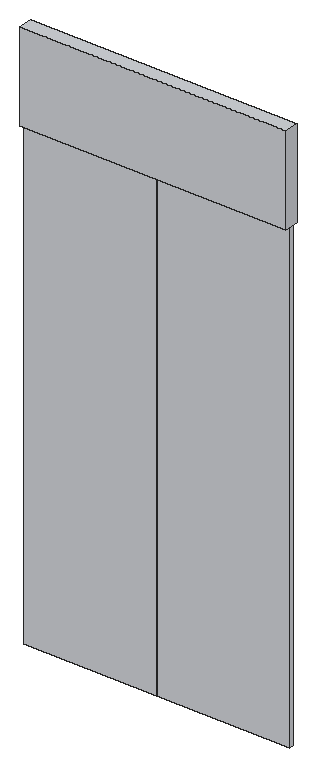
Revit family "Placard Portes Pivotantes", category Modèles génériques, Revit 2016
Family settings
  Type d'élément = Normal
  Peut héberger une armature = Non
  Cote de connecteur circulaire = Utiliser le diamètre
  Basée sur le plan de construction = Non
  Couper avec des vides une fois chargée = Non
  Partagée = Non
  Point de calcul de pièce = Oui
Parameters
  Profondeur placard = 500 mm
  built-in parameter 1001306 [instance] = 1200 mm
  Hauteur portes = 2100 mm
  Hauteur imposte = 400 mm
Reference planes
  plane 1 "Centre (avant/arrière)": y = 0
  plane 2: z = 0
  plane 3 "Gauche": x = 0
  plane 4 "Droite": x = 1200
  plane 5: z = 2500
  plane 6: x = 600
  plane 7: z = 2100
  plane 8: y = -20
  plane 9: y = -40
  plane 10: y = -60
  plane 11: y = 440
Forms (mm)
  Extrusion 1, solid
    sketch origin (0, -175, 0) x (1, 0, 0) y (0, 0, 1)
      loop
        line (0, 2100) -> (0, 0) -> (600, 0) -> (600, 2100) -> (0, 2100)
    from -155 to -135
  Extrusion 2, solid
    sketch origin (0, -100, 0) x (1, 0, 0) y (0, 0, 1)
      loop
        line (1200, 0) -> (1200, 2100) -> (600, 2100) -> (600, 0) -> (1200, 0)
    from -80 to -60
  Extrusion 3, solid
    sketch origin (0, 0, 0) x (1, 0, 0) y (0, 0, 1)
      loop
        line (0, 2500) -> (0, 2100) -> (1200, 2100) -> (1200, 2500) -> (0, 2500)
    from 0 to 60
Lines and regions (mm)
  reference lines
    curve 1: line (0, 0, 0) -> (1200, 0, 0)
  model lines
    curve 2: line (0, 440, 0) -> (1200, 440, 0)
    curve 3: line (0, -60, 0) -> (0, 440, 0)
    curve 4: line (1200, -60, 0) -> (0, -60, 0)
    curve 5: line (1200, 440, 0) -> (1200, -60, 0)
    curve 6: line (1200, 440, 0) -> (0, -60, 0)
    curve 7: line (1200, -60, 0) -> (0, 440, 0)
Dimensions and locks
  "built-in parameter 1001306": plane 3 "Gauche" to plane 4 "Droite"
  equal spacing: plane 4 "Droite", plane 6, plane 3 "Gauche"
  "Hauteur imposte": plane 5 to plane 7
  "Hauteur portes": plane 7 to level
  locked: plane 8 to plane 1 "Centre (avant/arrière)" at 20
  locked: plane 9 to plane 8 at 20
  locked: plane 10 to plane 9 at 20
  "Profondeur placard": plane 11 to plane 10
  aligned and locked: plane 4 "Droite" to curve 1
  aligned and locked: plane 1 "Centre (avant/arrière)" to curve 1
  aligned and locked: plane 3 "Gauche" to curve 1
  aligned and locked: level to plane 2
  aligned and locked: Extrusion 1 sketch curve to plane 7
  aligned and locked: plane 3 "Gauche" to Extrusion 1 sketch curve
  aligned and locked: Extrusion 1 sketch curve to curve 1
  aligned and locked: Extrusion 1 sketch curve to plane 6
  aligned and locked: Extrusion 2 sketch curve to curve 1
  aligned and locked: Extrusion 2 sketch curve to plane 4 "Droite"
  aligned and locked: Extrusion 2 sketch curve to plane 7
  aligned and locked: plane 6 to Extrusion 2 sketch curve
  aligned and locked: Extrusion 3 sketch curve to plane 5
  aligned and locked: plane 3 "Gauche" to Extrusion 3 sketch curve
  aligned and locked: plane 7 to Extrusion 3 sketch curve
  aligned and locked: Extrusion 3 sketch curve to plane 4 "Droite"
  aligned and locked: Extrusion 2 to plane 8
  aligned and locked: Extrusion 2 to plane 9
  aligned and locked: Extrusion 1 to plane 8
  aligned and locked: Extrusion 1 to plane 9
  aligned and locked: Extrusion 3 to plane 1 "Centre (avant/arrière)"
  aligned and locked: plane 10 to Extrusion 3
  aligned and locked: curve 2 to plane 11
  aligned and locked: plane 3 "Gauche" to curve 3
  aligned and locked: curve 4 to plane 10
  aligned and locked: curve 5 to plane 4 "Droite"
